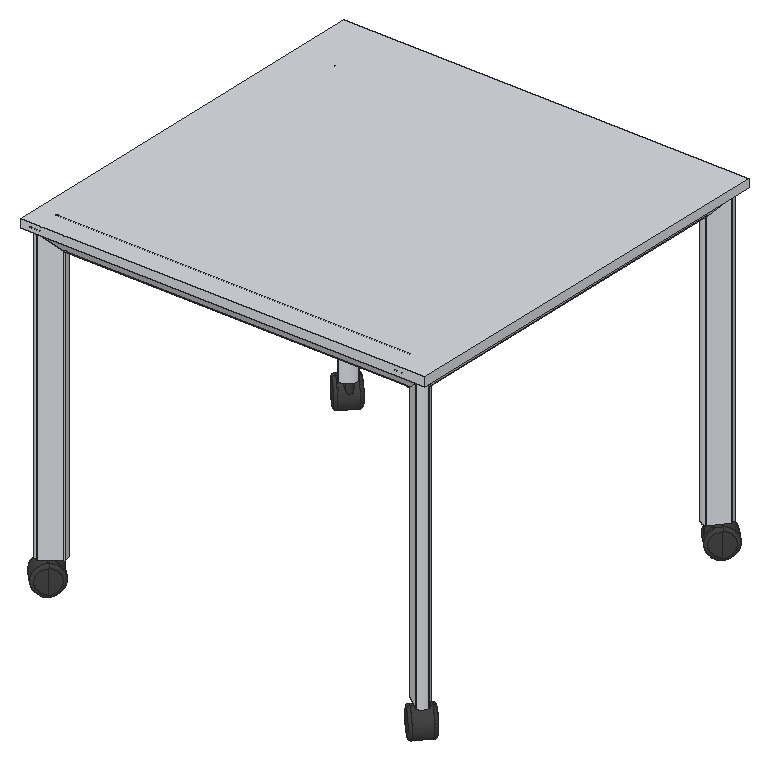
Revit family "Bernhardt_Design-Tables-Multipurpose-Intersection_mobile", category Furniture, Revit 2021
Family settings
  OmniClass Number = 23.40.20.00
  OmniClass Title = General Furniture and Specialties
  Work Plane-Based = No
  Always vertical = Yes
  Cut with Voids When Loaded = No
  Shared = No
  Room Calculation Point = No
Parameters (values of type "Intersection - MAA - 36x36 mobile")
  URL = "http://www.bernhardtdesign.com"
  Tabletop Finish [instance] = none
  Table Width = 36.000"
  Table Width Half = Table Width / 2  # 18.000"
  Table Length Half = Table Length / 2  # 18.000"
  Table Length = 36.000"
  SKU = "INS-MAA"
  Rail Width Half = Table Width Half - 0.488"  # 17.512"
  Rail Length Half = Table Length Half - 0.488"  # 17.512"
  Rail Length = Rail Length Half * 2  # 35.024"
  Modesty Position = 3.720"
  Modesty Panel Visibility = no
  Modesty Length Half = (Table Length - 9.750") / 2  # 13.125"
  Modesty Finish [instance] = none
  Model = "Intersection"  # constant formula
  Manufacturer = "Bernhardt Design"  # constant formula
  Default Elevation = 0.000"
  Copyright © = "Copyright © Bernhardt Design"  # constant formula
  Catalog = SKU  # "INS-MAA"
  Base Finish [instance] = none
  Authoring Version = "Autodesk Revit 2021"  # constant formula
Reference planes (in)
  plane 1 "Center Front/Back": y = 0
  plane 2: z = 0
  plane 3 "Center Left/Right": x = 0
  plane 4 "modesty_position_plane": y = -14.28
  plane 5 "modesty_plane_left": x = -13.125
  plane 6 "modesty_plane_right": x = 13.125
  plane 7 "tabletop_width-upper_plane": y = 18
  plane 8 "tabletop_width-lower_plane": y = -18
  plane 9 "tabletop_length-left_plane": x = -18
  plane 10 "tabletop_length-ri_plane": x = 18
  plane 11 "rail_top_plane": y = 17.512
  plane 12 "rail_bottom_plane": y = -17.512
  plane 13 "rail_left_plane": x = -17.512
  plane 14 "rail_right_plane": x = 17.512
  plane 15: through (-60, 21, 48) normal (0.7071, 0.7071, 0)
  plane 16 "centerleg_left_plane": x = 13.99072
  plane 17 "centerleg_right_plane": x = -13.99072
  plane 18: z = 2.68901
Forms (in)
  Extrusion 1, solid, material <- "Modesty Finish", visible <- "Modesty Panel Visibility"
    sketch origin (0, 0.00025, 0) x (0, 1, 0) y (0, 0, 1)
      loop
        line (-14.27993, 28.26874) -> (-14.20086, 27.39745) -> (-14.20086, 21.8573) -> (-14.27913, 20.96271)
        arc (-14.27913, 20.96271) -> (-14.2594, 20.90198) -> (-14.20106, 20.87601) r 0.07849
        line (-14.20106, 20.87601) -> (-14.09046, 20.87601)
        arc (-14.09046, 20.87601) -> (-14.03708, 20.90365) -> (-14.01913, 20.96102) r 0.07812
        line (-14.01913, 20.96102) -> (-14.10217, 21.86385) -> (-14.10217, 27.37568) -> (-14.04293, 27.79723)
        arc (-14.04293, 27.79723) -> (-14.02211, 27.85602) -> (-13.9701, 27.89044) r 0.09828
        arc (-13.9701, 27.89044) -> (-13.83624, 27.98525) -> (-13.79634, 28.14437) r 0.23633
        arc (-13.79634, 28.14437) -> (-13.86797, 28.28955) -> (-14.01622, 28.35457) r 0.23633
        line (-14.01622, 28.35457) -> (-14.20074, 28.35457)
        arc (-14.20074, 28.35457) -> (-14.25939, 28.32923) -> (-14.27993, 28.26874) r 0.07872
    from -13.125 to 13.125
  Extrusion 2, solid, material <- "Tabletop Finish"
    sketch origin (0, 0, 0) x (0, -1, 0) y (1, 0, 0)
      loop
        line (-18, -18) -> (18, -18) -> (18, 18) -> (-18, 18) -> (-18, -18)
    from 29 to 29.75
  Extrusion 3, solid, material <- "Base Finish"
    sketch origin (42, -3.00055, 0) x (1, 0, 0) y (0, 1, 0)
      loop
        line (-59.51152, -10.37366) -> (-59.51152, -13.87372)
        arc (-59.51152, -13.87372) -> (-59.32474, -14.32467) -> (-58.87379, -14.51145) r 0.63773
        line (-58.87379, -14.51145) -> (-55.37379, -14.51145) -> (-55.37379, -11.73981) -> (-56.73994, -10.37366) -> (-59.51152, -10.37366)
    from 28.6958 to 29
  Extrusion 4, solid, material <- "Base Finish"
    sketch origin (42, -3.00055, 0) x (1, 0, 0) y (0, 1, 0)
      loop
        line (-58.42169, -12.37872) -> (-59.48456, -13.83137)
        arc (-59.48456, -13.83137) -> (-59.505, -13.86874) -> (-59.51043, -13.91099) r 0.11498
        arc (-59.51043, -13.91099) -> (-59.33254, -14.31673) -> (-58.93326, -14.50868) r 0.63773
        arc (-58.93326, -14.50868) -> (-58.88581, -14.50622) -> (-58.84039, -14.4923) r 0.19404
        line (-58.84039, -14.4923) -> (-57.37422, -13.41016)
        arc (-57.37422, -13.41016) -> (-57.34438, -13.36421) -> (-57.33392, -13.31042) r 0.14359
        arc (-57.33392, -13.31042) -> (-57.62083, -12.61775) -> (-58.31349, -12.33084) r 0.97957
        arc (-58.31349, -12.33084) -> (-58.37399, -12.34032) -> (-58.42169, -12.37872) r 0.11854
    from 2.68901 to 28.6958
  Extrusion 5, solid, material <- "Base Finish"
    sketch origin (0, 0, 0) x (1, 0, 0) y (0, 0, 1)
      loop
        line (-17.512, 29.00191) -> (-17.512, 28.75773)
        arc (-17.512, 28.75773) -> (-17.50105, 28.72465) -> (-17.48275, 28.695) r 0.14969
        line (-17.48275, 28.695) -> (-16.43686, 27.37388)
        arc (-16.43686, 27.37388) -> (-16.38098, 27.32615) -> (-16.30952, 27.309) r 0.15741
        line (-16.30952, 27.309) -> (-14.85862, 27.309)
        arc (-14.85862, 27.309) -> (-14.77462, 27.34379) -> (-14.73983, 27.42779) r 0.11879
        line (-14.73983, 27.42779) -> (-14.73983, 27.81655)
        arc (-14.73983, 27.81655) -> (-14.7451, 27.83689) -> (-14.76009, 27.85163) r 0.03939
        arc (-14.76009, 27.85163) -> (-14.77781, 27.85524) -> (-14.79589, 27.85476) r 0.07988
        arc (-14.79589, 27.85476) -> (-14.81784, 27.84284) -> (-14.82659, 27.81945) r 0.03567
        line (-14.82659, 27.81945) -> (-14.82659, 27.72872)
        arc (-14.82659, 27.72872) -> (-14.85388, 27.69316) -> (-14.89765, 27.70286) r 0.04172
        line (-14.89765, 27.70286) -> (-15.0375, 27.84271)
        arc (-15.0375, 27.84271) -> (-15.059, 27.87995) -> (-15.06646, 27.92229) r 0.1238
        line (-15.06646, 27.92229) -> (-15.06646, 28.0573)
        arc (-15.06646, 28.0573) -> (-15.05192, 28.10206) -> (-15.02426, 28.14013) r 0.15041
        line (-15.02426, 28.14013) -> (-14.89075, 28.27364)
        arc (-14.89075, 28.27364) -> (-14.84889, 28.27804) -> (-14.82659, 28.24235) r 0.03971
        line (-14.82659, 28.24235) -> (-14.82659, 28.1535)
        arc (-14.82659, 28.1535) -> (-14.81268, 28.12534) -> (-14.78252, 28.11653) r 0.03905
        arc (-14.78252, 28.11653) -> (-14.75258, 28.12658) -> (-14.73983, 28.15547) r 0.03911
        line (-14.73983, 28.15547) -> (-14.73983, 28.36775)
        arc (-14.73983, 28.36775) -> (-14.77451, 28.45148) -> (-14.85825, 28.48616) r 0.11842
        line (-14.85825, 28.48616) -> (-15.00754, 28.48616)
        arc (-15.00754, 28.48616) -> (-15.0493, 28.50346) -> (-15.0666, 28.54522) r 0.05906
        line (-15.0666, 28.54522) -> (-15.0666, 28.83459)
        arc (-15.0666, 28.83459) -> (-15.05219, 28.86938) -> (-15.01739, 28.8838) r 0.04921
        line (-15.01739, 28.8838) -> (-14.89101, 28.8838)
        arc (-14.89101, 28.8838) -> (-14.85878, 28.87269) -> (-14.84436, 28.8418) r 0.04367
        arc (-14.84436, 28.8418) -> (-14.84311, 28.81613) -> (-14.85139, 28.7918) r 0.06861
        arc (-14.85139, 28.7918) -> (-14.86293, 28.77903) -> (-14.8757, 28.76749) r 0.17201
        arc (-14.8757, 28.76749) -> (-14.8819, 28.74586) -> (-14.8757, 28.72424) r 0.0408
        arc (-14.8757, 28.72424) -> (-14.86209, 28.71133) -> (-14.84393, 28.70663) r 0.03746
        line (-14.84393, 28.70663) -> (-14.78845, 28.70663)
        arc (-14.78845, 28.70663) -> (-14.75407, 28.72087) -> (-14.73983, 28.75526) r 0.04862
        line (-14.73983, 28.75526) -> (-14.73983, 28.96282)
        arc (-14.73983, 28.96282) -> (-14.75128, 28.99046) -> (-14.77892, 29.00191) r 0.03909
        line (-14.77892, 29.00191) -> (-17.512, 29.00191)
    from -17.512 to 17.512
  Extrusion 6, solid, material <- "Base Finish"
    sketch origin (0, 0, 0) x (-1, 0, 0) y (0, 0, -1)
      loop
        line (-17.512, -29.00191) -> (-14.77892, -29.00191)
        arc (-14.77892, -29.00191) -> (-14.75128, -28.99046) -> (-14.73983, -28.96282) r 0.03909
        line (-14.73983, -28.96282) -> (-14.73983, -28.75526)
        arc (-14.73983, -28.75526) -> (-14.75407, -28.72087) -> (-14.78845, -28.70663) r 0.04862
        line (-14.78845, -28.70663) -> (-14.84393, -28.70663)
        arc (-14.84393, -28.70663) -> (-14.86209, -28.71133) -> (-14.8757, -28.72424) r 0.03746
        arc (-14.8757, -28.72424) -> (-14.8819, -28.74586) -> (-14.8757, -28.76749) r 0.0408
        arc (-14.8757, -28.76749) -> (-14.86293, -28.77903) -> (-14.85139, -28.7918) r 0.17201
        arc (-14.85139, -28.7918) -> (-14.84311, -28.81613) -> (-14.84436, -28.8418) r 0.06861
        arc (-14.84436, -28.8418) -> (-14.85878, -28.87269) -> (-14.89101, -28.8838) r 0.04367
        line (-14.89101, -28.8838) -> (-15.01739, -28.8838)
        arc (-15.01739, -28.8838) -> (-15.05219, -28.86938) -> (-15.0666, -28.83459) r 0.04921
        line (-15.0666, -28.83459) -> (-15.0666, -28.54522)
        arc (-15.0666, -28.54522) -> (-15.0493, -28.50346) -> (-15.00754, -28.48616) r 0.05906
        line (-15.00754, -28.48616) -> (-14.85825, -28.48616)
        arc (-14.85825, -28.48616) -> (-14.77451, -28.45148) -> (-14.73983, -28.36775) r 0.11842
        line (-14.73983, -28.36775) -> (-14.73983, -28.15547)
        arc (-14.73983, -28.15547) -> (-14.75258, -28.12658) -> (-14.78252, -28.11653) r 0.03911
        arc (-14.78252, -28.11653) -> (-14.81268, -28.12534) -> (-14.82659, -28.1535) r 0.03905
        line (-14.82659, -28.1535) -> (-14.82659, -28.24235)
        arc (-14.82659, -28.24235) -> (-14.84889, -28.27804) -> (-14.89075, -28.27364) r 0.03971
        line (-14.89075, -28.27364) -> (-15.02426, -28.14013)
        arc (-15.02426, -28.14013) -> (-15.05192, -28.10206) -> (-15.06646, -28.0573) r 0.15041
        line (-15.06646, -28.0573) -> (-15.06646, -27.92229)
        arc (-15.06646, -27.92229) -> (-15.059, -27.87995) -> (-15.0375, -27.84271) r 0.1238
        line (-15.0375, -27.84271) -> (-14.89765, -27.70286)
        arc (-14.89765, -27.70286) -> (-14.85388, -27.69316) -> (-14.82659, -27.72872) r 0.04172
        line (-14.82659, -27.72872) -> (-14.82659, -27.81945)
        arc (-14.82659, -27.81945) -> (-14.81784, -27.84284) -> (-14.79589, -27.85476) r 0.03567
        arc (-14.79589, -27.85476) -> (-14.77781, -27.85524) -> (-14.76009, -27.85163) r 0.07988
        arc (-14.76009, -27.85163) -> (-14.7451, -27.83689) -> (-14.73983, -27.81655) r 0.03939
        line (-14.73983, -27.81655) -> (-14.73983, -27.42779)
        arc (-14.73983, -27.42779) -> (-14.77462, -27.34379) -> (-14.85862, -27.309) r 0.11879
        line (-14.85862, -27.309) -> (-16.30952, -27.309)
        arc (-16.30952, -27.309) -> (-16.38098, -27.32615) -> (-16.43686, -27.37388) r 0.15741
        line (-16.43686, -27.37388) -> (-17.48275, -28.695)
        arc (-17.48275, -28.695) -> (-17.50105, -28.72465) -> (-17.512, -28.75773) r 0.14969
        line (-17.512, -28.75773) -> (-17.512, -29.00191)
    from -17.512 to 17.512
  Extrusion 7, solid, material <- "Base Finish"
    sketch origin (-13.47667, -38.99987, 0) x (0, -1, 0) y (0, 0, 1)
      loop
        line (-56.51187, 29.00191) -> (-56.51187, 28.75773)
        arc (-56.51187, 28.75773) -> (-56.50092, 28.72465) -> (-56.48262, 28.695) r 0.14969
        line (-56.48262, 28.695) -> (-55.43673, 27.37388)
        arc (-55.43673, 27.37388) -> (-55.38085, 27.32615) -> (-55.30939, 27.309) r 0.15741
        line (-55.30939, 27.309) -> (-53.85849, 27.309)
        arc (-53.85849, 27.309) -> (-53.77449, 27.34379) -> (-53.7397, 27.42779) r 0.11879
        line (-53.7397, 27.42779) -> (-53.7397, 27.81655)
        arc (-53.7397, 27.81655) -> (-53.74497, 27.83689) -> (-53.75996, 27.85163) r 0.03939
        arc (-53.75996, 27.85163) -> (-53.77768, 27.85524) -> (-53.79576, 27.85476) r 0.07988
        arc (-53.79576, 27.85476) -> (-53.81771, 27.84284) -> (-53.82646, 27.81945) r 0.03567
        line (-53.82646, 27.81945) -> (-53.82646, 27.72872)
        arc (-53.82646, 27.72872) -> (-53.85375, 27.69316) -> (-53.89752, 27.70286) r 0.04172
        line (-53.89752, 27.70286) -> (-54.03737, 27.84271)
        arc (-54.03737, 27.84271) -> (-54.05887, 27.87995) -> (-54.06633, 27.92229) r 0.1238
        line (-54.06633, 27.92229) -> (-54.06633, 28.0573)
        arc (-54.06633, 28.0573) -> (-54.05179, 28.10206) -> (-54.02413, 28.14013) r 0.15041
        line (-54.02413, 28.14013) -> (-53.89062, 28.27364)
        arc (-53.89062, 28.27364) -> (-53.84876, 28.27804) -> (-53.82646, 28.24235) r 0.03971
        line (-53.82646, 28.24235) -> (-53.82646, 28.1535)
        arc (-53.82646, 28.1535) -> (-53.81255, 28.12534) -> (-53.78239, 28.11653) r 0.03905
        arc (-53.78239, 28.11653) -> (-53.75245, 28.12658) -> (-53.7397, 28.15547) r 0.03911
        line (-53.7397, 28.15547) -> (-53.7397, 28.36775)
        arc (-53.7397, 28.36775) -> (-53.77438, 28.45148) -> (-53.85812, 28.48616) r 0.11842
        line (-53.85812, 28.48616) -> (-54.00741, 28.48616)
        arc (-54.00741, 28.48616) -> (-54.04917, 28.50346) -> (-54.06647, 28.54522) r 0.05906
        line (-54.06647, 28.54522) -> (-54.06647, 28.83459)
        arc (-54.06647, 28.83459) -> (-54.05206, 28.86938) -> (-54.01726, 28.8838) r 0.04921
        line (-54.01726, 28.8838) -> (-53.89088, 28.8838)
        arc (-53.89088, 28.8838) -> (-53.85865, 28.87269) -> (-53.84423, 28.8418) r 0.04367
        arc (-53.84423, 28.8418) -> (-53.84298, 28.81613) -> (-53.85126, 28.7918) r 0.06861
        arc (-53.85126, 28.7918) -> (-53.86281, 28.77903) -> (-53.87557, 28.76749) r 0.17201
        arc (-53.87557, 28.76749) -> (-53.88177, 28.74586) -> (-53.87557, 28.72424) r 0.0408
        arc (-53.87557, 28.72424) -> (-53.86196, 28.71133) -> (-53.8438, 28.70663) r 0.03746
        line (-53.8438, 28.70663) -> (-53.78832, 28.70663)
        arc (-53.78832, 28.70663) -> (-53.75394, 28.72087) -> (-53.7397, 28.75526) r 0.04862
        line (-53.7397, 28.75526) -> (-53.7397, 28.96282)
        arc (-53.7397, 28.96282) -> (-53.75115, 28.99046) -> (-53.77879, 29.00191) r 0.03909
        line (-53.77879, 29.00191) -> (-56.51187, 29.00191)
    from -30.98867 to 4.03533
  Extrusion 8, solid, material <- "Base Finish"
    sketch origin (-13.47667, 38.99987, 0) x (0, 1, 0) y (0, 0, -1)
      loop
        line (-56.51187, -29.00191) -> (-53.77913, -29.00191)
        arc (-53.77913, -29.00191) -> (-53.75149, -28.99046) -> (-53.74004, -28.96282) r 0.03909
        line (-53.74004, -28.96282) -> (-53.74004, -28.75526)
        arc (-53.74004, -28.75526) -> (-53.75428, -28.72087) -> (-53.78867, -28.70663) r 0.04862
        line (-53.78867, -28.70663) -> (-53.84414, -28.70663)
        arc (-53.84414, -28.70663) -> (-53.86231, -28.71133) -> (-53.87591, -28.72424) r 0.03746
        arc (-53.87591, -28.72424) -> (-53.88211, -28.74586) -> (-53.87591, -28.76749) r 0.0408
        arc (-53.87591, -28.76749) -> (-53.86315, -28.77903) -> (-53.8516, -28.7918) r 0.17201
        arc (-53.8516, -28.7918) -> (-53.84332, -28.81613) -> (-53.84458, -28.8418) r 0.06861
        arc (-53.84458, -28.8418) -> (-53.859, -28.87269) -> (-53.89122, -28.8838) r 0.04367
        line (-53.89122, -28.8838) -> (-54.0176, -28.8838)
        arc (-54.0176, -28.8838) -> (-54.0524, -28.86938) -> (-54.06681, -28.83459) r 0.04921
        line (-54.06681, -28.83459) -> (-54.06681, -28.54522)
        arc (-54.06681, -28.54522) -> (-54.04952, -28.50346) -> (-54.00776, -28.48616) r 0.05906
        line (-54.00776, -28.48616) -> (-53.85846, -28.48616)
        arc (-53.85846, -28.48616) -> (-53.77473, -28.45148) -> (-53.74004, -28.36775) r 0.11842
        line (-53.74004, -28.36775) -> (-53.74004, -28.15547)
        arc (-53.74004, -28.15547) -> (-53.7528, -28.12658) -> (-53.78274, -28.11653) r 0.03911
        arc (-53.78274, -28.11653) -> (-53.81289, -28.12534) -> (-53.82681, -28.1535) r 0.03905
        line (-53.82681, -28.1535) -> (-53.82681, -28.24235)
        arc (-53.82681, -28.24235) -> (-53.84911, -28.27804) -> (-53.89096, -28.27364) r 0.03971
        line (-53.89096, -28.27364) -> (-54.02447, -28.14013)
        arc (-54.02447, -28.14013) -> (-54.05214, -28.10206) -> (-54.06668, -28.0573) r 0.15041
        line (-54.06668, -28.0573) -> (-54.06668, -27.92229)
        arc (-54.06668, -27.92229) -> (-54.05921, -27.87995) -> (-54.03771, -27.84271) r 0.1238
        line (-54.03771, -27.84271) -> (-53.89786, -27.70286)
        arc (-53.89786, -27.70286) -> (-53.8541, -27.69316) -> (-53.82681, -27.72872) r 0.04172
        line (-53.82681, -27.72872) -> (-53.82681, -27.81945)
        arc (-53.82681, -27.81945) -> (-53.81806, -27.84284) -> (-53.7961, -27.85476) r 0.03567
        arc (-53.7961, -27.85476) -> (-53.77802, -27.85524) -> (-53.7603, -27.85163) r 0.07988
        arc (-53.7603, -27.85163) -> (-53.74532, -27.83689) -> (-53.74004, -27.81655) r 0.03939
        line (-53.74004, -27.81655) -> (-53.74004, -27.42779)
        arc (-53.74004, -27.42779) -> (-53.77484, -27.34379) -> (-53.85884, -27.309) r 0.11879
        line (-53.85884, -27.309) -> (-55.30939, -27.309)
        arc (-55.30939, -27.309) -> (-55.38085, -27.32615) -> (-55.43673, -27.37388) r 0.15741
        line (-55.43673, -27.37388) -> (-56.48262, -28.695)
        arc (-56.48262, -28.695) -> (-56.50092, -28.72465) -> (-56.51187, -28.75773) r 0.14969
        line (-56.51187, -28.75773) -> (-56.51187, -29.00191)
    from -30.98867 to 4.03533
  Extrusion 9, solid, material <- "Base Finish", not visible
    sketch origin (0, -6.00055, 0) x (1, 0, 0) y (0, 1, 0)
      loop
        line (-59.51152, -10.37366) -> (-59.51152, -13.87372)
        arc (-59.51152, -13.87372) -> (-59.32474, -14.32467) -> (-58.87379, -14.51145) r 0.63773
        line (-58.87379, -14.51145) -> (-55.37379, -14.51145) -> (-55.37379, -11.73981) -> (-56.73994, -10.37366) -> (-59.51152, -10.37366)
    from 28.6958 to 29
  Extrusion 10, solid, material <- "Base Finish", not visible
    sketch origin (0, -6.00055, 0) x (1, 0, 0) y (0, 1, 0)
      loop
        line (-58.42169, -12.37872) -> (-59.48456, -13.83137)
        arc (-59.48456, -13.83137) -> (-59.505, -13.86874) -> (-59.51043, -13.91099) r 0.11498
        arc (-59.51043, -13.91099) -> (-59.33254, -14.31673) -> (-58.93326, -14.50868) r 0.63773
        arc (-58.93326, -14.50868) -> (-58.88581, -14.50622) -> (-58.84039, -14.4923) r 0.19404
        line (-58.84039, -14.4923) -> (-57.37422, -13.41016)
        arc (-57.37422, -13.41016) -> (-57.34438, -13.36421) -> (-57.33392, -13.31042) r 0.14359
        arc (-57.33392, -13.31042) -> (-57.62083, -12.61775) -> (-58.31349, -12.33084) r 0.97957
        arc (-58.31349, -12.33084) -> (-58.37399, -12.34032) -> (-58.42169, -12.37872) r 0.11854
    from 2.68901 to 28.6958
  Extrusion 11, solid, material <- "Base Finish"
    sketch origin (-42, 3.00055, 0) x (-1, 0, 0) y (0, -1, 0)
      loop
        line (-59.51152, 16.37476) -> (-56.73994, 16.37476) -> (-55.37379, 17.74091) -> (-55.37379, 20.51255) -> (-58.87379, 20.51255)
        arc (-58.87379, 20.51255) -> (-59.32474, 20.32576) -> (-59.51152, 19.87482) r 0.63773
        line (-59.51152, 19.87482) -> (-59.51152, 16.37476)
    from 28.6958 to 29
  Extrusion 12, solid, material <- "Base Finish"
    sketch origin (-42, 3.00055, 0) x (-1, 0, 0) y (0, -1, 0)
      loop
        arc (-58.42169, 18.37981) -> (-58.37399, 18.34141) -> (-58.31349, 18.33193) r 0.11854
        arc (-58.31349, 18.33193) -> (-57.62083, 18.61885) -> (-57.33392, 19.31151) r 0.97957
        arc (-57.33392, 19.31151) -> (-57.34438, 19.3653) -> (-57.37422, 19.41125) r 0.14359
        line (-57.37422, 19.41125) -> (-58.84039, 20.49339)
        arc (-58.84039, 20.49339) -> (-58.88581, 20.50731) -> (-58.93326, 20.50977) r 0.19404
        arc (-58.93326, 20.50977) -> (-59.33254, 20.31782) -> (-59.51043, 19.91209) r 0.63773
        arc (-59.51043, 19.91209) -> (-59.505, 19.86984) -> (-59.48456, 19.83246) r 0.11498
        line (-59.48456, 19.83246) -> (-58.42169, 18.37981)
    from 2.68901 to 28.6958
  Extrusion 13, solid, material <- "Base Finish"
    sketch origin (42, -3.00055, 0) x (1, 0, 0) y (0, 1, 0)
      loop
        line (-59.51152, 16.37476) -> (-56.73994, 16.37476) -> (-55.37379, 17.74091) -> (-55.37379, 20.51255) -> (-58.87379, 20.51255)
        arc (-58.87379, 20.51255) -> (-59.32474, 20.32576) -> (-59.51152, 19.87482) r 0.63773
        line (-59.51152, 19.87482) -> (-59.51152, 16.37476)
    from 28.6958 to 29
  Extrusion 14, solid, material <- "Base Finish"
    sketch origin (42, -3.00055, 0) x (1, 0, 0) y (0, 1, 0)
      loop
        arc (-58.42169, 18.37981) -> (-58.37399, 18.34141) -> (-58.31349, 18.33193) r 0.11854
        arc (-58.31349, 18.33193) -> (-57.62083, 18.61885) -> (-57.33392, 19.31151) r 0.97957
        arc (-57.33392, 19.31151) -> (-57.34438, 19.3653) -> (-57.37422, 19.41125) r 0.14359
        line (-57.37422, 19.41125) -> (-58.84039, 20.49339)
        arc (-58.84039, 20.49339) -> (-58.88581, 20.50731) -> (-58.93326, 20.50977) r 0.19404
        arc (-58.93326, 20.50977) -> (-59.33254, 20.31782) -> (-59.51043, 19.91209) r 0.63773
        arc (-59.51043, 19.91209) -> (-59.505, 19.86984) -> (-59.48456, 19.83246) r 0.11498
        line (-59.48456, 19.83246) -> (-58.42169, 18.37981)
    from 2.68901 to 28.6958
  Extrusion 15, solid, material <- "Base Finish"
    sketch origin (-42, 3.00055, 0) x (-1, 0, 0) y (0, -1, 0)
      loop
        line (-59.51152, -10.37366) -> (-59.51152, -13.87372)
        arc (-59.51152, -13.87372) -> (-59.32474, -14.32467) -> (-58.87379, -14.51145) r 0.63773
        line (-58.87379, -14.51145) -> (-55.37379, -14.51145) -> (-55.37379, -11.73981) -> (-56.73994, -10.37366) -> (-59.51152, -10.37366)
    from 28.6958 to 29
  Extrusion 16, solid, material <- "Base Finish"
    sketch origin (-42, 3.00055, 0) x (-1, 0, 0) y (0, -1, 0)
      loop
        line (-58.42169, -12.37872) -> (-59.48456, -13.83137)
        arc (-59.48456, -13.83137) -> (-59.505, -13.86874) -> (-59.51043, -13.91099) r 0.11498
        arc (-59.51043, -13.91099) -> (-59.33254, -14.31673) -> (-58.93326, -14.50868) r 0.63773
        arc (-58.93326, -14.50868) -> (-58.88581, -14.50622) -> (-58.84039, -14.4923) r 0.19404
        line (-58.84039, -14.4923) -> (-57.37422, -13.41016)
        arc (-57.37422, -13.41016) -> (-57.34438, -13.36421) -> (-57.33392, -13.31042) r 0.14359
        arc (-57.33392, -13.31042) -> (-57.62083, -12.61775) -> (-58.31349, -12.33084) r 0.97957
        arc (-58.31349, -12.33084) -> (-58.37399, -12.34032) -> (-58.42169, -12.37872) r 0.11854
    from 2.68901 to 28.6958
  Extrusion 17, void
    sketch origin (42, 0, 0) x (1, 0, 0) y (0, 0, -1)
      loop
        line (-56.85681, -26.93709) -> (-59.94372, -26.93709) -> (-59.94372, -29.34885) -> (-56.85681, -26.93709)
    from 11.75277 to 19.06577
  Extrusion 18, void
    sketch origin (-42, 0, 0) x (-1, 0, 0) y (0, 0, -1)
      loop
        line (-56.85681, -26.93709) -> (-59.94372, -26.93709) -> (-59.94372, -29.34885) -> (-56.85681, -26.93709)
    from 11.75277 to 19.06577
  Extrusion 19, void
    sketch origin (-42, 0, 0) x (-1, 0, 0) y (0, 0, 1)
      loop
        line (-56.85681, 26.93709) -> (-59.94372, 29.34885) -> (-59.94372, 26.93709) -> (-56.85681, 26.93709)
    from 11.75277 to 19.06577
  Extrusion 20, void
    sketch origin (0, -3, 0) x (0, -1, 0) y (0, 0, -1)
      loop
        line (-17.81562, -26.91055) -> (-20.8375, -26.91055) -> (-20.8375, -29.25437) -> (-17.81562, -26.91055)
    from -19.92285 to -13.125
  Extrusion 21, void
    sketch origin (0, 2.99999, 0) x (0, 1, 0) y (0, 0, -1)
      loop
        line (-17.81562, -26.91055) -> (-20.8375, -26.91055) -> (-20.8375, -29.25437) -> (-17.81562, -26.91055)
    from -19.92285 to -13.125
  Extrusion 22, void
    sketch origin (0, -3, 0) x (0, -1, 0) y (0, 0, 1)
      loop
        line (-17.81562, 26.91055) -> (-20.8375, 29.25437) -> (-20.8375, 26.91055) -> (-17.81562, 26.91055)
    from -19.92285 to -13.125
  Extrusion 23, void
    sketch origin (42, 0, 0) x (1, 0, 0) y (0, 0, 1)
      loop
        line (-56.85681, 26.93709) -> (-59.94372, 29.34885) -> (-59.94372, 26.93709) -> (-56.85681, 26.93709)
    from 11.75277 to 19.06577
  Extrusion 24, void
    sketch origin (0, 2.99999, 0) x (0, 1, 0) y (0, 0, 1)
      loop
        line (-17.81562, 26.91055) -> (-20.8375, 29.25437) -> (-20.8375, 26.91055) -> (-17.81562, 26.91055)
    from -19.92285 to -13.125
Cuts and joins
  Extrusion 17, Extrusion 19 cuts Extrusion 7
  Extrusion 20, Extrusion 24 cuts Extrusion 5
  Extrusion 18, Extrusion 23 cuts Extrusion 8
  Extrusion 21, Extrusion 22 cuts Extrusion 6
Dimensions and locks (in)
  "Modesty Length Half": plane 3 "Center Left/Right" to plane 6 "modesty_plane_right"
  "Modesty Length Half": plane 5 "modesty_plane_left" to plane 3 "Center Left/Right"
  "Table Length Half": plane 9 "tabletop_length-left_plane" to plane 3 "Center Left/Right" to plane 10 "tabletop_length-ri_plane"
  "Table Width Half": plane 7 "tabletop_width-upper_plane" to plane 1 "Center Front/Back" to plane 8 "tabletop_width-lower_plane"
  "Modesty Position": plane 4 "modesty_position_plane" to plane 8 "tabletop_width-lower_plane"
  "Rail Length Half": plane 13 "rail_left_plane" to plane 3 "Center Left/Right" to plane 14 "rail_right_plane"
  "Rail Width Half": plane 11 "rail_top_plane" to plane 1 "Center Front/Back" to plane 12 "rail_bottom_plane"
  "Rail Width Half": Extrusion 5 to plane 1 "Center Front/Back" to Extrusion 5
  "Rail Width Half": Extrusion 6 to plane 1 "Center Front/Back" to Extrusion 6
  "Rail Length Half": Extrusion 7 to plane 3 "Center Left/Right" to Extrusion 7
  "Rail Length Half": Extrusion 8 to plane 3 "Center Left/Right" to Extrusion 8
  locked: Extrusion 3 to Extrusion 2 at 4.62579
  locked: plane 9 "tabletop_length-left_plane" to Extrusion 3 at 4.62621
  locked: Extrusion 13 to plane 7 "tabletop_width-upper_plane" at 4.62579
  locked: plane 9 "tabletop_length-left_plane" to Extrusion 13 at 4.62621
  locked: Extrusion 15 to plane 7 "tabletop_width-upper_plane" at 4.62579
  locked: Extrusion 15 to plane 10 "tabletop_length-ri_plane" at 4.62621
  locked: Extrusion 11 to plane 8 "tabletop_width-lower_plane" at 4.62579
  locked: Extrusion 11 to plane 10 "tabletop_length-ri_plane" at 4.62621
  locked: Extrusion 24 to plane 9 "tabletop_length-left_plane" at 1.92285
  locked: plane 9 "tabletop_length-left_plane" to Extrusion 24 at 4.875
  locked: plane 8 "tabletop_width-lower_plane" to Extrusion 24 at 3.18438
  locked: plane 8 "tabletop_width-lower_plane" to Extrusion 24 at 0.1625
  locked: plane 9 "tabletop_length-left_plane" to Extrusion 23 at 0.05628
  locked: plane 9 "tabletop_length-left_plane" to Extrusion 23 at 3.14319
  locked: Extrusion 23 to plane 8 "tabletop_width-lower_plane" at 1.06577
  locked: Extrusion 23 to plane 8 "tabletop_width-lower_plane" at 6.24723
  locked: Extrusion 20 to plane 9 "tabletop_length-left_plane" at 1.92285
  locked: plane 9 "tabletop_length-left_plane" to Extrusion 17 at 0.05628
  locked: plane 9 "tabletop_length-left_plane" to Extrusion 17 at 3.14319
  locked: plane 9 "tabletop_length-left_plane" to Extrusion 20 at 4.875
  locked: Extrusion 17 to plane 7 "tabletop_width-upper_plane" at 6.24723
  locked: plane 7 "tabletop_width-upper_plane" to Extrusion 20 at 3.18438
  locked: plane 7 "tabletop_width-upper_plane" to Extrusion 20 at 0.1625
  locked: Extrusion 17 to plane 7 "tabletop_width-upper_plane" at 1.06577
  locked: Extrusion 19 to plane 7 "tabletop_width-upper_plane" at 6.24723
  locked: plane 7 "tabletop_width-upper_plane" to Extrusion 22 at 3.18438
  locked: plane 7 "tabletop_width-upper_plane" to Extrusion 22 at 0.1625
  locked: Extrusion 19 to plane 7 "tabletop_width-upper_plane" at 1.06577
  locked: Extrusion 22 to plane 10 "tabletop_length-ri_plane" at 4.875
  locked: Extrusion 19 to plane 10 "tabletop_length-ri_plane" at 3.14319
  Extrusion 19 to plane 10 "tabletop_length-ri_plane" = 0.05628"
  locked: plane 10 "tabletop_length-ri_plane" to Extrusion 22 at 1.92285
  locked: Extrusion 21 to plane 10 "tabletop_length-ri_plane" at 4.875
  locked: Extrusion 18 to plane 10 "tabletop_length-ri_plane" at 3.14319
  locked: Extrusion 18 to plane 10 "tabletop_length-ri_plane" at 0.05628
  locked: plane 10 "tabletop_length-ri_plane" to Extrusion 21 at 1.92285
  locked: Extrusion 18 to plane 8 "tabletop_width-lower_plane" at 6.24723
  locked: plane 8 "tabletop_width-lower_plane" to Extrusion 21 at 3.18438
  locked: plane 8 "tabletop_width-lower_plane" to Extrusion 21 at 0.1625
  locked: Extrusion 18 to plane 8 "tabletop_width-lower_plane" at 1.06577
  locked: plane 17 "centerleg_right_plane" to plane 10 "tabletop_length-ri_plane" at 31.99072
  locked: plane 9 "tabletop_length-left_plane" to plane 16 "centerleg_left_plane" at 31.99072
  aligned and locked: level to plane 2
  aligned and locked: plane 6 "modesty_plane_right" to Extrusion 1
  aligned and locked: plane 5 "modesty_plane_left" to Extrusion 1
  aligned and locked: Extrusion 2 to plane 10 "tabletop_length-ri_plane"
  aligned and locked: Extrusion 2 to plane 9 "tabletop_length-left_plane"
  aligned and locked: Extrusion 2 to plane 8 "tabletop_width-lower_plane"
  aligned and locked: plane 7 "tabletop_width-upper_plane" to Extrusion 2
  aligned and locked: Extrusion 8 to Extrusion 6
Automatic sketch dimensions
  Extrusion 4 sketch curve to Extrusion 4 sketch curve = 0.08891"
  Extrusion 4 sketch curve to Extrusion 4 sketch curve = 0.04571"
  Extrusion 4 sketch curve to Extrusion 4 sketch curve = 0.07912"
  Extrusion 4 sketch curve to Extrusion 4 sketch curve = 0.09567"
  Extrusion 4 sketch curve to Extrusion 4 sketch curve = 0.5603"
  Extrusion 4 sketch curve to Extrusion 4 sketch curve = 0.83598"
  Extrusion 4 sketch curve to Extrusion 4 sketch curve = 0.10329"
  Extrusion 4 sketch curve to Extrusion 4 sketch curve = 0.4414"
  Extrusion 4 sketch curve to Extrusion 4 sketch curve = 0.0729"
  Extrusion 4 sketch curve to Extrusion 4 sketch curve = 0.56331"
  Extrusion 4 sketch curve to Extrusion 4 sketch curve = 0.8617"
  Extrusion 4 sketch curve to Extrusion 4 sketch curve = 0.070"
  Extrusion 4 sketch curve to Extrusion 4 sketch curve = 0.000"
  Extrusion 3 sketch curve to Extrusion 3 sketch curve = 0.63773"
  Extrusion 3 sketch curve to Extrusion 3 sketch curve = 2.77158"
  Extrusion 3 sketch curve to Extrusion 3 sketch curve = 1.36615"  (x2)
  Extrusion 3 sketch curve to Extrusion 3 sketch curve = 2.77164"
  Extrusion 4 sketch curve to Extrusion 4 sketch curve = 0.47614"
  Extrusion 4 sketch curve to Extrusion 4 sketch curve = 0.1082"
  Extrusion 4 sketch curve to Extrusion 4 sketch curve = 0.17717"
  Extrusion 4 sketch curve to Extrusion 4 sketch curve = 0.03055"
  Extrusion 4 sketch curve to Extrusion 4 sketch curve = 0.09975"
  Extrusion 10 sketch curve to Extrusion 10 sketch curve = 0.08891"
  Extrusion 10 sketch curve to Extrusion 10 sketch curve = 0.04571"
  Extrusion 10 sketch curve to Extrusion 10 sketch curve = 0.07912"
  Extrusion 10 sketch curve to Extrusion 10 sketch curve = 0.09567"
  Extrusion 10 sketch curve to Extrusion 10 sketch curve = 0.5603"
  Extrusion 10 sketch curve to Extrusion 10 sketch curve = 0.83598"
  Extrusion 10 sketch curve to Extrusion 10 sketch curve = 0.10329"
  Extrusion 10 sketch curve to Extrusion 10 sketch curve = 0.4414"
  Extrusion 10 sketch curve to Extrusion 10 sketch curve = 0.0729"
  Extrusion 10 sketch curve to Extrusion 10 sketch curve = 0.56331"
  Extrusion 10 sketch curve to Extrusion 10 sketch curve = 0.8617"
  Extrusion 10 sketch curve to Extrusion 10 sketch curve = 0.070"
  Extrusion 10 sketch curve to Extrusion 10 sketch curve = 0.000"
  Extrusion 9 sketch curve to Extrusion 9 sketch curve = 0.63773"
  Extrusion 9 sketch curve to Extrusion 9 sketch curve = 2.77158"
  Extrusion 9 sketch curve to Extrusion 9 sketch curve = 1.36615"  (x2)
  Extrusion 9 sketch curve to Extrusion 9 sketch curve = 2.77164"
  Extrusion 10 sketch curve to Extrusion 10 sketch curve = 0.47614"
  Extrusion 10 sketch curve to Extrusion 10 sketch curve = 0.1082"
  Extrusion 10 sketch curve to Extrusion 10 sketch curve = 0.17717"
  Extrusion 10 sketch curve to Extrusion 10 sketch curve = 0.03055"
  Extrusion 10 sketch curve to Extrusion 10 sketch curve = 0.09975"
  Extrusion 12 sketch curve to Extrusion 12 sketch curve = 0.08891"
  Extrusion 12 sketch curve to Extrusion 12 sketch curve = 0.04571"
  Extrusion 12 sketch curve to Extrusion 12 sketch curve = 0.07912"
  Extrusion 12 sketch curve to Extrusion 12 sketch curve = 0.09567"
  Extrusion 12 sketch curve to Extrusion 12 sketch curve = 0.5603"
  Extrusion 12 sketch curve to Extrusion 12 sketch curve = 0.83598"
  Extrusion 12 sketch curve to Extrusion 12 sketch curve = 0.10329"
  Extrusion 12 sketch curve to Extrusion 12 sketch curve = 0.4414"
  Extrusion 12 sketch curve to Extrusion 12 sketch curve = 0.0729"
  Extrusion 12 sketch curve to Extrusion 12 sketch curve = 0.56331"
  Extrusion 12 sketch curve to Extrusion 12 sketch curve = 0.8617"
  Extrusion 12 sketch curve to Extrusion 12 sketch curve = 0.070"
  Extrusion 12 sketch curve to Extrusion 12 sketch curve = 0.000"
  Extrusion 11 sketch curve to Extrusion 11 sketch curve = 0.63773"
  Extrusion 11 sketch curve to Extrusion 11 sketch curve = 2.77158"
  Extrusion 11 sketch curve to Extrusion 11 sketch curve = 1.36615"  (x2)
  Extrusion 11 sketch curve to Extrusion 11 sketch curve = 2.77164"
  Extrusion 12 sketch curve to Extrusion 12 sketch curve = 0.47614"
  Extrusion 12 sketch curve to Extrusion 12 sketch curve = 0.1082"
  Extrusion 12 sketch curve to Extrusion 12 sketch curve = 0.17717"
  Extrusion 12 sketch curve to Extrusion 12 sketch curve = 0.03055"
  Extrusion 12 sketch curve to Extrusion 12 sketch curve = 0.09975"
  Extrusion 14 sketch curve to Extrusion 14 sketch curve = 0.08891"
  Extrusion 14 sketch curve to Extrusion 14 sketch curve = 0.04571"
  Extrusion 14 sketch curve to Extrusion 14 sketch curve = 0.07912"
  Extrusion 14 sketch curve to Extrusion 14 sketch curve = 0.09567"
  Extrusion 14 sketch curve to Extrusion 14 sketch curve = 0.5603"
  Extrusion 14 sketch curve to Extrusion 14 sketch curve = 0.83598"
  Extrusion 14 sketch curve to Extrusion 14 sketch curve = 0.10329"
  Extrusion 14 sketch curve to Extrusion 14 sketch curve = 0.4414"
  Extrusion 14 sketch curve to Extrusion 14 sketch curve = 0.0729"
  Extrusion 14 sketch curve to Extrusion 14 sketch curve = 0.56331"
  Extrusion 14 sketch curve to Extrusion 14 sketch curve = 0.8617"
  Extrusion 14 sketch curve to Extrusion 14 sketch curve = 0.070"
  Extrusion 14 sketch curve to Extrusion 14 sketch curve = 0.000"
  Extrusion 13 sketch curve to Extrusion 13 sketch curve = 0.63773"
  Extrusion 13 sketch curve to Extrusion 13 sketch curve = 2.77158"
  Extrusion 13 sketch curve to Extrusion 13 sketch curve = 1.36615"  (x2)
  Extrusion 13 sketch curve to Extrusion 13 sketch curve = 2.77164"
  Extrusion 14 sketch curve to Extrusion 14 sketch curve = 0.47614"
  Extrusion 14 sketch curve to Extrusion 14 sketch curve = 0.1082"
  Extrusion 14 sketch curve to Extrusion 14 sketch curve = 0.17717"
  Extrusion 14 sketch curve to Extrusion 14 sketch curve = 0.03055"
  Extrusion 14 sketch curve to Extrusion 14 sketch curve = 0.09975"
  Extrusion 16 sketch curve to Extrusion 16 sketch curve = 0.08891"
  Extrusion 16 sketch curve to Extrusion 16 sketch curve = 0.04571"
  Extrusion 16 sketch curve to Extrusion 16 sketch curve = 0.07912"
  Extrusion 16 sketch curve to Extrusion 16 sketch curve = 0.09567"
  Extrusion 16 sketch curve to Extrusion 16 sketch curve = 0.5603"
  Extrusion 16 sketch curve to Extrusion 16 sketch curve = 0.83598"
  Extrusion 16 sketch curve to Extrusion 16 sketch curve = 0.10329"
  Extrusion 16 sketch curve to Extrusion 16 sketch curve = 0.4414"
  Extrusion 16 sketch curve to Extrusion 16 sketch curve = 0.0729"
  Extrusion 16 sketch curve to Extrusion 16 sketch curve = 0.56331"
  Extrusion 16 sketch curve to Extrusion 16 sketch curve = 0.8617"
  Extrusion 16 sketch curve to Extrusion 16 sketch curve = 0.070"
  Extrusion 16 sketch curve to Extrusion 16 sketch curve = 0.000"
  Extrusion 15 sketch curve to Extrusion 15 sketch curve = 0.63773"
  Extrusion 15 sketch curve to Extrusion 15 sketch curve = 2.77158"
  Extrusion 15 sketch curve to Extrusion 15 sketch curve = 1.36615"  (x2)
  Extrusion 15 sketch curve to Extrusion 15 sketch curve = 2.77164"
  Extrusion 16 sketch curve to Extrusion 16 sketch curve = 0.47614"
  Extrusion 16 sketch curve to Extrusion 16 sketch curve = 0.1082"
  Extrusion 16 sketch curve to Extrusion 16 sketch curve = 0.17717"
  Extrusion 16 sketch curve to Extrusion 16 sketch curve = 0.03055"
  Extrusion 16 sketch curve to Extrusion 16 sketch curve = 0.09975"
  Extrusion 1 sketch curve to Extrusion 1 sketch curve = 0.000"  (x2)
  plane 4 "modesty_position_plane" to Extrusion 1 sketch curve = 0.00032"
  plane 4 "modesty_position_plane" to Extrusion 1 sketch curve = 0.00112"
  plane 4 "modesty_position_plane" to Extrusion 1 sketch curve = 0.07872"
  plane 4 "modesty_position_plane" to Extrusion 1 sketch curve = 0.07919"
  plane 4 "modesty_position_plane" to Extrusion 1 sketch curve = 0.07939"
  Extrusion 1 sketch curve to Extrusion 1 sketch curve = 0.00079"
  Extrusion 1 sketch curve to Extrusion 1 sketch curve = 0.09869"
  Extrusion 1 sketch curve to Extrusion 1 sketch curve = 0.10414"
  Extrusion 1 sketch curve to Extrusion 1 sketch curve = 0.00646"
  plane 4 "modesty_position_plane" to Extrusion 1 sketch curve = 0.23732"
  Extrusion 1 sketch curve to Extrusion 1 sketch curve = 0.17025"
  Extrusion 1 sketch curve to Extrusion 1 sketch curve = 0.07779"
  Extrusion 1 sketch curve to Extrusion 1 sketch curve = 0.18453"
  Extrusion 1 sketch curve to Extrusion 1 sketch curve = 0.09827"
  level to Extrusion 1 sketch curve = 20.87601"
  Extrusion 1 sketch curve to Extrusion 1 sketch curve = 0.07785"
  Extrusion 1 sketch curve to Extrusion 1 sketch curve = 0.07849"
  Extrusion 1 sketch curve to Extrusion 1 sketch curve = 0.89459"
  Extrusion 1 sketch curve to Extrusion 1 sketch curve = 0.00655"
  Extrusion 1 sketch curve to Extrusion 1 sketch curve = 5.51183"
  Extrusion 1 sketch curve to Extrusion 1 sketch curve = 0.02177"
  Extrusion 1 sketch curve to Extrusion 1 sketch curve = 0.41983"
  Extrusion 1 sketch curve to Extrusion 1 sketch curve = 0.00172"
  Extrusion 1 sketch curve to Extrusion 1 sketch curve = 0.32149"
  Extrusion 1 sketch curve to Extrusion 1 sketch curve = 0.15002"
  Extrusion 1 sketch curve to Extrusion 1 sketch curve = 0.00711"
  Extrusion 1 sketch curve to Extrusion 1 sketch curve = 0.23494"
  Extrusion 2 sketch curve to plane 7 "tabletop_width-upper_plane" = 0.000"
  Extrusion 2 sketch curve to plane 8 "tabletop_width-lower_plane" = 0.000"
  Extrusion 2 sketch curve to plane 9 "tabletop_length-left_plane" = 0.000"
  Extrusion 2 sketch curve to plane 10 "tabletop_length-ri_plane" = 0.000"
  Extrusion 5 sketch curve to plane 13 "rail_left_plane" = 0.000"
  plane 13 "rail_left_plane" to Extrusion 5 sketch curve = 0.02925"
  plane 13 "rail_left_plane" to Extrusion 5 sketch curve = 0.14661"
  plane 13 "rail_left_plane" to Extrusion 5 sketch curve = 1.07514"
  Extrusion 5 sketch curve to Extrusion 5 sketch curve = 0.12735"
  Extrusion 5 sketch curve to Extrusion 5 sketch curve = 1.24292"
  Extrusion 5 sketch curve to Extrusion 5 sketch curve = 0.00014"
  Extrusion 5 sketch curve to Extrusion 5 sketch curve = 0.02896"
  Extrusion 5 sketch curve to Extrusion 5 sketch curve = 0.0422"
  Extrusion 5 sketch curve to Extrusion 5 sketch curve = 0.04921"
  Extrusion 5 sketch curve to Extrusion 5 sketch curve = 0.05906"
  Extrusion 5 sketch curve to Extrusion 5 sketch curve = 0.03282"
  Extrusion 5 sketch curve to Extrusion 5 sketch curve = 0.09483"
  Extrusion 5 sketch curve to Extrusion 5 sketch curve = 0.02476"
  Extrusion 5 sketch curve to Extrusion 5 sketch curve = 0.07351"
  Extrusion 5 sketch curve to Extrusion 5 sketch curve = 0.13985"  (x2)
  Extrusion 5 sketch curve to Extrusion 5 sketch curve = 0.02005"
  Extrusion 5 sketch curve to Extrusion 5 sketch curve = 0.13351"
  Extrusion 5 sketch curve to Extrusion 5 sketch curve = 0.02305"
  Extrusion 5 sketch curve to Extrusion 5 sketch curve = 0.0295"
  Extrusion 5 sketch curve to Extrusion 5 sketch curve = 0.02445"
  Extrusion 5 sketch curve to Extrusion 5 sketch curve = 0.03902"
  Extrusion 5 sketch curve to Extrusion 5 sketch curve = 0.0325"
  Extrusion 5 sketch curve to Extrusion 5 sketch curve = 0.06712"
  Extrusion 5 sketch curve to Extrusion 5 sketch curve = 0.00283"
  Extrusion 5 sketch curve to Extrusion 5 sketch curve = 0.04156"
  Extrusion 5 sketch curve to Extrusion 5 sketch curve = 0.03971"
  Extrusion 5 sketch curve to Extrusion 5 sketch curve = 0.03567"
  Extrusion 5 sketch curve to Extrusion 5 sketch curve = 0.05548"
  Extrusion 5 sketch curve to Extrusion 5 sketch curve = 0.03901"
  Extrusion 5 sketch curve to Extrusion 5 sketch curve = 0.00615"
  Extrusion 5 sketch curve to Extrusion 5 sketch curve = 0.01171"
  Extrusion 5 sketch curve to Extrusion 5 sketch curve = 0.00864"
  Extrusion 5 sketch curve to Extrusion 5 sketch curve = 0.11209"
  Extrusion 5 sketch curve to Extrusion 5 sketch curve = 0.11842"
  Extrusion 5 sketch curve to Extrusion 5 sketch curve = 0.11879"
  Extrusion 5 sketch curve to Extrusion 5 sketch curve = 0.04862"
  level to Extrusion 5 sketch curve = 27.309"
  Extrusion 5 sketch curve to Extrusion 5 sketch curve = 0.06489"
  Extrusion 5 sketch curve to Extrusion 5 sketch curve = 0.27507"
  Extrusion 5 sketch curve to Extrusion 5 sketch curve = 0.02586"
  Extrusion 5 sketch curve to Extrusion 5 sketch curve = 0.04694"
  Extrusion 5 sketch curve to Extrusion 5 sketch curve = 0.04088"
  Extrusion 5 sketch curve to Extrusion 5 sketch curve = 0.00065"
  Extrusion 5 sketch curve to Extrusion 5 sketch curve = 0.00225"
  Extrusion 5 sketch curve to Extrusion 5 sketch curve = 0.11149"
  Extrusion 5 sketch curve to Extrusion 5 sketch curve = 0.13502"
  Extrusion 5 sketch curve to Extrusion 5 sketch curve = 0.11973"
  Extrusion 5 sketch curve to Extrusion 5 sketch curve = 0.00175"
  Extrusion 5 sketch curve to Extrusion 5 sketch curve = 0.00022"
  Extrusion 5 sketch curve to Extrusion 5 sketch curve = 0.08885"
  Extrusion 5 sketch curve to Extrusion 5 sketch curve = 0.1254"
  Extrusion 5 sketch curve to Extrusion 5 sketch curve = 1.32112"
  Extrusion 5 sketch curve to Extrusion 5 sketch curve = 0.22047"
  Extrusion 5 sketch curve to Extrusion 5 sketch curve = 0.03746"
  Extrusion 5 sketch curve to Extrusion 5 sketch curve = 0.00177"
  Extrusion 5 sketch curve to Extrusion 5 sketch curve = 0.06273"
  Extrusion 5 sketch curve to Extrusion 5 sketch curve = 0.08158"
  Extrusion 5 sketch curve to Extrusion 5 sketch curve = 0.00891"
  Extrusion 5 sketch curve to Extrusion 5 sketch curve = 0.01456"
  Extrusion 5 sketch curve to Extrusion 5 sketch curve = 0.01686"
  Extrusion 5 sketch curve to Extrusion 5 sketch curve = 0.07902"
  Extrusion 5 sketch curve to Extrusion 5 sketch curve = 0.03177"
  Extrusion 5 sketch curve to Extrusion 5 sketch curve = 0.000"  (x2)
  Extrusion 5 sketch curve to Extrusion 5 sketch curve = 0.02431"
  Extrusion 6 sketch curve to plane 14 "rail_right_plane" = 0.000"
  Extrusion 6 sketch curve to plane 14 "rail_right_plane" = 0.02925"
  Extrusion 6 sketch curve to plane 14 "rail_right_plane" = 0.14661"
  Extrusion 6 sketch curve to plane 14 "rail_right_plane" = 1.07514"
  Extrusion 6 sketch curve to Extrusion 6 sketch curve = 0.12735"
  Extrusion 6 sketch curve to Extrusion 6 sketch curve = 1.24292"
  Extrusion 6 sketch curve to Extrusion 6 sketch curve = 0.00014"
  Extrusion 6 sketch curve to Extrusion 6 sketch curve = 0.02896"
  Extrusion 6 sketch curve to Extrusion 6 sketch curve = 0.0422"
  Extrusion 6 sketch curve to Extrusion 6 sketch curve = 0.04921"
  Extrusion 6 sketch curve to Extrusion 6 sketch curve = 0.05906"
  Extrusion 6 sketch curve to Extrusion 6 sketch curve = 0.03282"
  Extrusion 6 sketch curve to Extrusion 6 sketch curve = 0.1238"
  Extrusion 6 sketch curve to Extrusion 6 sketch curve = 0.02476"
  Extrusion 6 sketch curve to Extrusion 6 sketch curve = 0.07351"
  Extrusion 6 sketch curve to Extrusion 6 sketch curve = 0.13985"
  Extrusion 6 sketch curve to Extrusion 6 sketch curve = 0.02005"
  Extrusion 6 sketch curve to Extrusion 6 sketch curve = 0.13351"
  Extrusion 6 sketch curve to Extrusion 6 sketch curve = 0.02305"
  Extrusion 6 sketch curve to Extrusion 6 sketch curve = 0.0295"
  Extrusion 6 sketch curve to Extrusion 6 sketch curve = 0.02445"
  Extrusion 6 sketch curve to Extrusion 6 sketch curve = 0.03902"
  Extrusion 6 sketch curve to Extrusion 6 sketch curve = 0.0325"
  Extrusion 6 sketch curve to Extrusion 6 sketch curve = 0.06712"
  Extrusion 6 sketch curve to Extrusion 6 sketch curve = 0.00283"
  Extrusion 6 sketch curve to Extrusion 6 sketch curve = 0.04156"
  Extrusion 6 sketch curve to Extrusion 6 sketch curve = 0.03971"
  Extrusion 6 sketch curve to Extrusion 6 sketch curve = 0.03567"
  Extrusion 6 sketch curve to Extrusion 6 sketch curve = 0.05548"
  Extrusion 6 sketch curve to Extrusion 6 sketch curve = 0.03901"
  Extrusion 6 sketch curve to Extrusion 6 sketch curve = 0.00615"
  Extrusion 6 sketch curve to Extrusion 6 sketch curve = 0.01171"
  Extrusion 6 sketch curve to Extrusion 6 sketch curve = 0.00864"
  Extrusion 6 sketch curve to Extrusion 6 sketch curve = 0.11209"
  Extrusion 6 sketch curve to Extrusion 6 sketch curve = 0.11842"
  Extrusion 6 sketch curve to Extrusion 6 sketch curve = 0.11879"
  Extrusion 6 sketch curve to Extrusion 6 sketch curve = 0.04862"
  level to Extrusion 6 sketch curve = 29.00191"
  Extrusion 6 sketch curve to Extrusion 6 sketch curve = 0.06216"
  Extrusion 6 sketch curve to Extrusion 6 sketch curve = 0.01686"
  Extrusion 6 sketch curve to Extrusion 6 sketch curve = 0.04356"
  Extrusion 6 sketch curve to Extrusion 6 sketch curve = 0.01456"
  Extrusion 6 sketch curve to Extrusion 6 sketch curve = 0.21399"
  Extrusion 6 sketch curve to Extrusion 6 sketch curve = 0.03018"
  Extrusion 6 sketch curve to Extrusion 6 sketch curve = 0.08498"
  Extrusion 6 sketch curve to Extrusion 6 sketch curve = 0.03923"
  Extrusion 6 sketch curve to Extrusion 6 sketch curve = 0.00177"
  Extrusion 6 sketch curve to Extrusion 6 sketch curve = 0.17902"
  Extrusion 6 sketch curve to Extrusion 6 sketch curve = 0.0941"
  Extrusion 6 sketch curve to Extrusion 6 sketch curve = 0.08688"
  Extrusion 6 sketch curve to Extrusion 6 sketch curve = 0.00022"
  Extrusion 6 sketch curve to Extrusion 6 sketch curve = 0.00175"
  Extrusion 6 sketch curve to Extrusion 6 sketch curve = 0.10222"
  Extrusion 6 sketch curve to Extrusion 6 sketch curve = 0.08283"
  Extrusion 6 sketch curve to Extrusion 6 sketch curve = 0.13502"
  Extrusion 6 sketch curve to Extrusion 6 sketch curve = 0.10284"
  Extrusion 6 sketch curve to Extrusion 6 sketch curve = 0.00225"
  Extrusion 6 sketch curve to Extrusion 6 sketch curve = 0.00065"
  Extrusion 6 sketch curve to Extrusion 6 sketch curve = 0.04153"
  Extrusion 6 sketch curve to Extrusion 6 sketch curve = 0.0433"
  Extrusion 6 sketch curve to Extrusion 6 sketch curve = 0.00364"
  Extrusion 6 sketch curve to Extrusion 6 sketch curve = 0.45588"
  Extrusion 6 sketch curve to Extrusion 6 sketch curve = 0.27507"
  Extrusion 6 sketch curve to Extrusion 6 sketch curve = 0.03177"
  Extrusion 6 sketch curve to Extrusion 6 sketch curve = 0.000"  (x2)
  Extrusion 6 sketch curve to Extrusion 6 sketch curve = 0.02431"
  Extrusion 7 sketch curve to plane 11 "rail_top_plane" = 0.000"
  Extrusion 7 sketch curve to plane 11 "rail_top_plane" = 0.02925"
  Extrusion 7 sketch curve to plane 11 "rail_top_plane" = 0.14661"
  Extrusion 7 sketch curve to plane 11 "rail_top_plane" = 1.07514"
  Extrusion 7 sketch curve to Extrusion 7 sketch curve = 0.12735"
  Extrusion 7 sketch curve to Extrusion 7 sketch curve = 1.24292"
  Extrusion 7 sketch curve to Extrusion 7 sketch curve = 0.00014"
  Extrusion 7 sketch curve to Extrusion 7 sketch curve = 0.02896"
  Extrusion 7 sketch curve to Extrusion 7 sketch curve = 0.0422"
  Extrusion 7 sketch curve to Extrusion 7 sketch curve = 0.04921"
  Extrusion 7 sketch curve to Extrusion 7 sketch curve = 0.05906"
  Extrusion 7 sketch curve to Extrusion 7 sketch curve = 0.03282"
  Extrusion 7 sketch curve to Extrusion 7 sketch curve = 0.09483"
  Extrusion 7 sketch curve to Extrusion 7 sketch curve = 0.02476"
  Extrusion 7 sketch curve to Extrusion 7 sketch curve = 0.07351"
  Extrusion 7 sketch curve to Extrusion 7 sketch curve = 0.13985"  (x2)
  Extrusion 7 sketch curve to Extrusion 7 sketch curve = 0.02005"
  Extrusion 7 sketch curve to Extrusion 7 sketch curve = 0.13351"
  Extrusion 7 sketch curve to Extrusion 7 sketch curve = 0.02305"
  Extrusion 7 sketch curve to Extrusion 7 sketch curve = 0.0295"
  Extrusion 7 sketch curve to Extrusion 7 sketch curve = 0.02445"
  Extrusion 7 sketch curve to Extrusion 7 sketch curve = 0.03902"
  Extrusion 7 sketch curve to Extrusion 7 sketch curve = 0.0325"
  Extrusion 7 sketch curve to Extrusion 7 sketch curve = 0.06712"
  Extrusion 7 sketch curve to Extrusion 7 sketch curve = 0.00283"
  Extrusion 7 sketch curve to Extrusion 7 sketch curve = 0.04156"
  Extrusion 7 sketch curve to Extrusion 7 sketch curve = 0.03971"
  Extrusion 7 sketch curve to Extrusion 7 sketch curve = 0.03567"
  Extrusion 7 sketch curve to Extrusion 7 sketch curve = 0.05548"
  Extrusion 7 sketch curve to Extrusion 7 sketch curve = 0.03901"
  Extrusion 7 sketch curve to Extrusion 7 sketch curve = 0.00615"
  Extrusion 7 sketch curve to Extrusion 7 sketch curve = 0.01171"
  Extrusion 7 sketch curve to Extrusion 7 sketch curve = 0.00864"
  Extrusion 7 sketch curve to Extrusion 7 sketch curve = 0.11209"
  Extrusion 7 sketch curve to Extrusion 7 sketch curve = 0.11842"
  Extrusion 7 sketch curve to Extrusion 7 sketch curve = 0.11879"
  Extrusion 7 sketch curve to Extrusion 7 sketch curve = 0.04862"
  level to Extrusion 7 sketch curve = 27.309"
  Extrusion 7 sketch curve to Extrusion 7 sketch curve = 0.06489"
  Extrusion 7 sketch curve to Extrusion 7 sketch curve = 0.27507"
  Extrusion 7 sketch curve to Extrusion 7 sketch curve = 0.02586"
  Extrusion 7 sketch curve to Extrusion 7 sketch curve = 0.04694"
  Extrusion 7 sketch curve to Extrusion 7 sketch curve = 0.04088"
  Extrusion 7 sketch curve to Extrusion 7 sketch curve = 0.00065"
  Extrusion 7 sketch curve to Extrusion 7 sketch curve = 0.00225"
  Extrusion 7 sketch curve to Extrusion 7 sketch curve = 0.11149"
  Extrusion 7 sketch curve to Extrusion 7 sketch curve = 0.13502"
  Extrusion 7 sketch curve to Extrusion 7 sketch curve = 0.11973"
  Extrusion 7 sketch curve to Extrusion 7 sketch curve = 0.00175"
  Extrusion 7 sketch curve to Extrusion 7 sketch curve = 0.00022"
  Extrusion 7 sketch curve to Extrusion 7 sketch curve = 0.08885"
  Extrusion 7 sketch curve to Extrusion 7 sketch curve = 0.1254"
  Extrusion 7 sketch curve to Extrusion 7 sketch curve = 1.32112"
  Extrusion 7 sketch curve to Extrusion 7 sketch curve = 0.22047"
  Extrusion 7 sketch curve to Extrusion 7 sketch curve = 0.03746"
  Extrusion 7 sketch curve to Extrusion 7 sketch curve = 0.00177"
  Extrusion 7 sketch curve to Extrusion 7 sketch curve = 0.06273"
  Extrusion 7 sketch curve to Extrusion 7 sketch curve = 0.08158"
  Extrusion 7 sketch curve to Extrusion 7 sketch curve = 0.00891"
  Extrusion 7 sketch curve to Extrusion 7 sketch curve = 0.01456"
  Extrusion 7 sketch curve to Extrusion 7 sketch curve = 0.01686"
  Extrusion 7 sketch curve to Extrusion 7 sketch curve = 0.07902"
  Extrusion 7 sketch curve to Extrusion 7 sketch curve = 0.03177"
  Extrusion 7 sketch curve to Extrusion 7 sketch curve = 0.000"  (x2)
  Extrusion 7 sketch curve to Extrusion 7 sketch curve = 0.02431"
  Extrusion 8 sketch curve to plane 12 "rail_bottom_plane" = 0.000"
  plane 12 "rail_bottom_plane" to Extrusion 8 sketch curve = 0.02925"
  plane 12 "rail_bottom_plane" to Extrusion 8 sketch curve = 0.14661"
  plane 12 "rail_bottom_plane" to Extrusion 8 sketch curve = 1.07514"
  Extrusion 8 sketch curve to Extrusion 8 sketch curve = 0.12735"
  Extrusion 8 sketch curve to plane 4 "modesty_position_plane" = 0.78694"
  Extrusion 8 sketch curve to Extrusion 8 sketch curve = 0.00014"
  Extrusion 8 sketch curve to Extrusion 8 sketch curve = 0.02896"
  Extrusion 8 sketch curve to Extrusion 8 sketch curve = 0.0422"
  Extrusion 8 sketch curve to Extrusion 8 sketch curve = 0.04921"
  Extrusion 8 sketch curve to Extrusion 8 sketch curve = 0.05906"
  Extrusion 8 sketch curve to Extrusion 8 sketch curve = 0.03282"
  Extrusion 8 sketch curve to Extrusion 8 sketch curve = 0.09483"
  Extrusion 8 sketch curve to Extrusion 8 sketch curve = 0.02476"
  Extrusion 8 sketch curve to Extrusion 8 sketch curve = 0.07351"
  Extrusion 8 sketch curve to Extrusion 8 sketch curve = 0.13985"
  Extrusion 8 sketch curve to Extrusion 8 sketch curve = 0.02005"
  Extrusion 8 sketch curve to Extrusion 8 sketch curve = 0.13351"
  Extrusion 8 sketch curve to Extrusion 8 sketch curve = 0.02305"
  Extrusion 8 sketch curve to Extrusion 8 sketch curve = 0.0295"
  Extrusion 8 sketch curve to Extrusion 8 sketch curve = 0.02445"
  Extrusion 8 sketch curve to Extrusion 8 sketch curve = 0.03902"
  Extrusion 8 sketch curve to Extrusion 8 sketch curve = 0.0325"
  Extrusion 8 sketch curve to Extrusion 8 sketch curve = 0.06712"
  Extrusion 8 sketch curve to Extrusion 8 sketch curve = 0.00283"
  Extrusion 8 sketch curve to Extrusion 8 sketch curve = 0.04156"
  Extrusion 8 sketch curve to Extrusion 8 sketch curve = 0.03971"
  Extrusion 8 sketch curve to Extrusion 8 sketch curve = 0.03567"
  Extrusion 8 sketch curve to Extrusion 8 sketch curve = 0.05548"
  Extrusion 8 sketch curve to Extrusion 8 sketch curve = 0.03901"
  Extrusion 8 sketch curve to Extrusion 8 sketch curve = 0.00615"
  Extrusion 8 sketch curve to Extrusion 8 sketch curve = 0.01171"
  Extrusion 8 sketch curve to Extrusion 8 sketch curve = 0.00864"
  Extrusion 8 sketch curve to Extrusion 8 sketch curve = 0.11209"
  Extrusion 8 sketch curve to Extrusion 8 sketch curve = 0.11842"
  Extrusion 8 sketch curve to Extrusion 8 sketch curve = 0.11879"
  Extrusion 8 sketch curve to Extrusion 8 sketch curve = 0.04862"
  level to Extrusion 8 sketch curve = 29.00191"
  Extrusion 8 sketch curve to Extrusion 8 sketch curve = 0.06216"
  Extrusion 8 sketch curve to Extrusion 8 sketch curve = 0.01686"
  Extrusion 8 sketch curve to Extrusion 8 sketch curve = 0.04356"
  Extrusion 8 sketch curve to Extrusion 8 sketch curve = 0.01456"
  Extrusion 8 sketch curve to Extrusion 8 sketch curve = 0.21399"
  Extrusion 8 sketch curve to Extrusion 8 sketch curve = 0.03018"
  Extrusion 8 sketch curve to Extrusion 8 sketch curve = 0.08498"
  Extrusion 8 sketch curve to Extrusion 8 sketch curve = 0.03923"
  Extrusion 8 sketch curve to Extrusion 8 sketch curve = 0.00177"
  Extrusion 8 sketch curve to Extrusion 8 sketch curve = 0.17902"
  Extrusion 8 sketch curve to Extrusion 8 sketch curve = 0.0941"
  Extrusion 8 sketch curve to Extrusion 8 sketch curve = 0.08688"
  Extrusion 8 sketch curve to Extrusion 8 sketch curve = 0.00022"
  Extrusion 8 sketch curve to Extrusion 8 sketch curve = 0.00175"
  Extrusion 8 sketch curve to Extrusion 8 sketch curve = 0.10222"
  Extrusion 8 sketch curve to Extrusion 8 sketch curve = 0.08283"
  Extrusion 8 sketch curve to Extrusion 8 sketch curve = 0.13502"
  Extrusion 8 sketch curve to Extrusion 8 sketch curve = 0.10284"
  Extrusion 8 sketch curve to Extrusion 8 sketch curve = 0.00225"
  Extrusion 8 sketch curve to Extrusion 8 sketch curve = 0.00065"
  Extrusion 8 sketch curve to Extrusion 8 sketch curve = 0.04153"
  Extrusion 8 sketch curve to Extrusion 8 sketch curve = 0.0433"
  Extrusion 8 sketch curve to Extrusion 8 sketch curve = 0.00364"
  Extrusion 8 sketch curve to Extrusion 8 sketch curve = 0.45588"
  Extrusion 8 sketch curve to Extrusion 8 sketch curve = 0.27507"
  Extrusion 8 sketch curve to Extrusion 8 sketch curve = 0.03177"
  Extrusion 8 sketch curve to Extrusion 8 sketch curve = 0.000"  (x2)
  Extrusion 8 sketch curve to Extrusion 8 sketch curve = 0.02431"
  plane 9 "tabletop_length-left_plane" to Extrusion 17 sketch curve = 0.05628"
  plane 5 "modesty_plane_left" to Extrusion 17 sketch curve = 1.73181"
  level to Extrusion 17 sketch curve = 29.34885"
  Extrusion 17 sketch curve to Extrusion 17 sketch curve = 2.41176"
  plane 10 "tabletop_length-ri_plane" to Extrusion 18 sketch curve = 0.05628"
  plane 6 "modesty_plane_right" to Extrusion 18 sketch curve = 1.73181"
  level to Extrusion 18 sketch curve = 29.34885"
  Extrusion 18 sketch curve to Extrusion 18 sketch curve = 2.41176"
